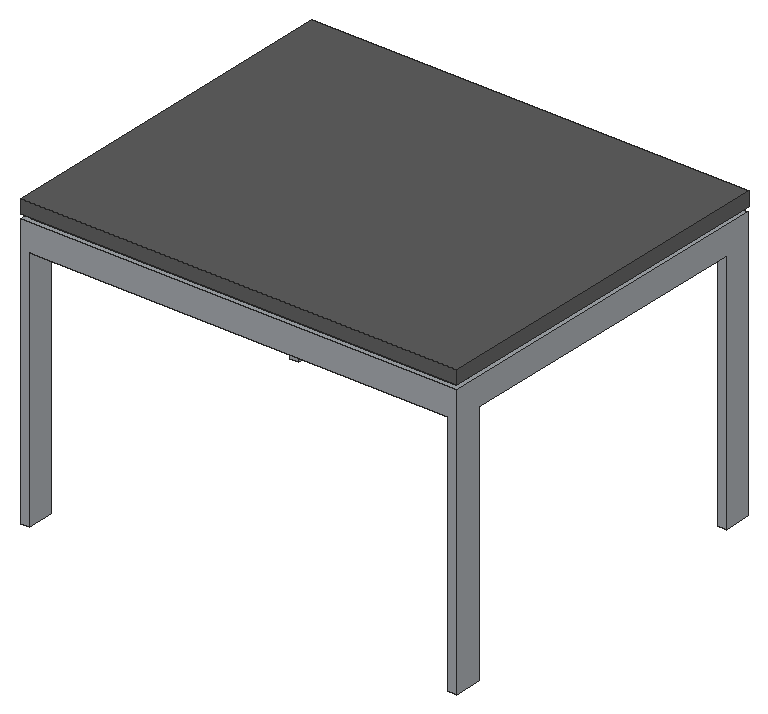
Revit family
Parameters
  URL = "http://www.martinbrattrud.com"
  Table Top [instance] = none
  SCS Certified Product = "Yes"
  Model = "Lundin 1006-24RL"
  Manufacturer = "Martin Brattrud, Inc."
  Leg [instance] = none
  Keynote = "125000"
  Copyright = "© 2013 Martin Brattrud, Inc."
  Authoring Version = "Revit Architecture 2010"
  Assembly Code = "E2020200"
Reference planes (in)
  plane 1 "Center Front/Back": y = 0
  plane 2: z = 0
  plane 3 "Center Left/Right": x = 0
  plane 4: z = 0
  plane 5: z = 16
  plane 6: z = 15.25
  plane 7: z = 15
  plane 8: z = 13.5
  plane 9: x = -12
  plane 10: x = 132
  plane 11: x = 12
  plane 12: y = 10
  plane 13: y = -10
  plane 14: y = -9.6875
  plane 15: y = -9.5
  plane 16: y = 9.6875
  plane 17: y = 9.5
Forms (in)
  Extrusion 1, solid, material <- "Leg"
    sketch origin (0, 0, 0) x (0, 1, 0) y (0, 0, 1)
      loop
        line (10, 0) -> (10, 15) -> (-10, 15) -> (-10, 0) -> (-8.5, 0) -> (-8.5, 13.5) -> (8.5, 13.5) -> (8.5, 0) -> (10, 0)
    from 11.5 to 12
  Extrusion 2, solid, material <- "Leg"
    sketch origin (0, 0, 0) x (0, 1, 0) y (0, 0, -1)
      loop
        line (10, -15) -> (10, 0) -> (8.5, 0) -> (8.5, -13.5) -> (-8.5, -13.5) -> (-8.5, 0) -> (-10, 0) -> (-10, -15) -> (10, -15)
    from 11.5 to 12
  Extrusion 3, solid, material <- "Leg"
    sketch origin (0, 2, -4) x (0, 1, 0) y (0, 0, 1)
      loop
        line (8, 19) -> (7.5, 19) -> (7.5, 17.5) -> (8, 17.5) -> (8, 19)
      loop
        line (-12, 19) -> (-12, 17.5) -> (-11.5, 17.5) -> (-11.5, 19) -> (-12, 19)
    from -11.5 to 11.5
  Extrusion 4, solid, material <- "Table Top"
    sketch origin (0, 0, -4) x (1, 0, 0) y (0, 1, 0)
      loop
        line (-12, 10) -> (-12, -10) -> (12, -10) -> (12, 10) -> (-12, 10)
    from 19.25 to 20
  Extrusion 5, solid, material <- "Table Top"
    sketch origin (0, 0, -4) x (1, 0, 0) y (0, 1, 0)
      loop
        line (11.6875, 9.6875) -> (-11.6875, 9.6875) -> (-11.6875, -9.6875) -> (11.6875, -9.6875) -> (11.6875, 9.6875)
    from 18.5217 to 19.25
Cuts and joins
  joined: Extrusion 1, Extrusion 2, Extrusion 3
